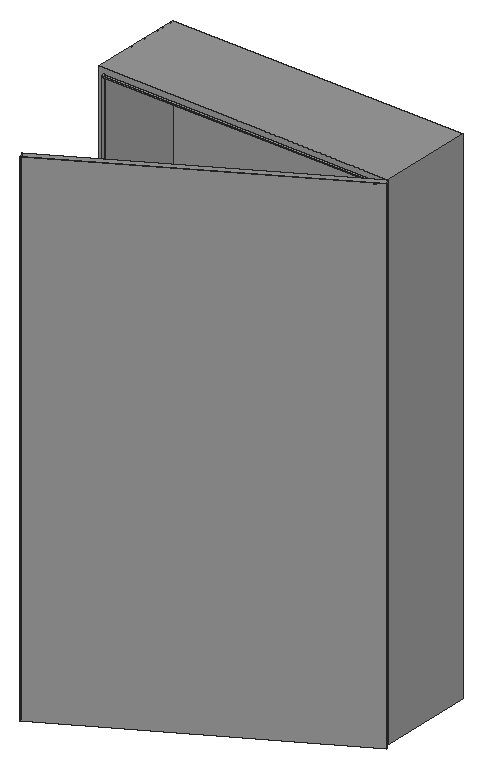
Revit family "Hager-Univers-IP55-D275-H1400-Cl.II-Steel_encl-NoHosted-NL-en", category Equipement électrique, Revit 2020
Family settings
  Configuration du panneau = Deux colonnes, circuits au sein
  Cote de connecteur circulaire = Utiliser le diamètre
  Type d'élément = Tableau de raccordement
  Basée sur le plan de construction = Oui
  Toujours verticalement = Oui
  Couper avec des vides une fois chargée = Non
  Partagée = Non
  Point de calcul de pièce = Non
Parameters (values of type "Surface mounted (plaster) IP55 W800 H1400 D275  - FR93S")
  Width Control [instance] = if([EF000008 - Width] > Min Width, [EF000008 - Width], Min Width)  # 800 mm
  Commentaires du type = [HG000003 - Range]  # "Univers"
  Thickness Door [instance] = if([EF009171 - Material plate thickness door/cover] > 3 mm, 3 mm, [EF009171 - Material plate thickness door/cover])  # 1.5 mm
  Seal Frame Offset [instance] = 17 mm  # constant formula
  Plinth Visibility [instance] = [HG000027 - Plinth height] > 0 mm  # no
  Min Width [instance] = 100 mm  # constant formula
  Min Depth [instance] = (2 * [EF009170 - Material plate thickness cabinet]) + 1 mm  # 4 mm
  Min Height [instance] = 100 mm  # constant formula
  Internal Frame Depth [instance] = (Door System Depth * 0.5)  # 9 mm
  Panel Name [instance] = ""  # (empty or 0)
  Model = ""
  HG000027 - Plinth height = 0 mm
  HG000026 - Floor standing = no
  HG000024 - Bottom section height = 600 mm
  HG000023 - Double section enclosure = no
  HG000016 - Door 3d visibility [instance] = yes
  HG000015 - Clearance visibility [instance] = no
  HG000014 - Door on the right [instance] = yes
  HG000013 - Door on the left [instance] = not([HG000014 - Door on the right])  # no
  HG000012 - Door swing angle [instance] = 30.00°
  HG000010 - Asymmetric doors = no
  HG000009 - Double swing door = no
  HG000006 - Flush mounted = no
  HG000004 - Manufacturer reference = "FR93S"
  HG000003 - Range = "Univers"
  HG000002 - With door or cover = yes
  Frame Offset Bottom [instance] = 10 mm  # constant formula
  Frame Offset [instance] = 15 mm  # constant formula
  EF015940 - Cover with overpressure release = no
  EF011959 - Degree of protection (NEMA) = ""
  EF009554 - Number of openings for flange plates = 6
  EF009212 - Cover model = "EV000116 - Closed"
  EF009171 - Material plate thickness door/cover = 1.5 mm
  EF009170 - Material plate thickness cabinet = 1.5 mm
  EF008873 - Nominal current (In) = 800 A
  EF007800 - Suitable for lightning protection = no
  EF006306 - With lock = no
  EF006244 - Transparent cover/door = no
  EF005474 - Degree of protection (IP) = "EV006420 - IP55"
  EF004464 - Type of door = "EV002646 - Single"
  EF004427 - Number of modules = 324
  EF004293 - Impact strength = "EV008784 - IK10"
  EF003532 - Suitable for outdoor use = no
  EF002950 - Width in number of modular spacings = 24
  EF001613 - Circuit integrity = "EV000494 - None"
  EF001596 - Material housing = "EV000179 - Steel"
  EF001131 - Internal depth = 275 mm
  EF001088 - Extension possible = yes
  EF000437 - Number of conduit inlets = 6
  EF000339 - Type of cover = "EV004216 - Door"
  EF000266 - Number of rows = 9
  EF000218 - Built-in depth = 0 mm
  EF000118 - With mounting plate = no
  EF000116 - RAL-number = "7035"
  EF000049 - Depth = 275 mm
  EF000040 - Height = 1400 mm
  EF000008 - Width = 800 mm
  EF000007 - Colour = "EV000270 - Grey"
  EF000003 - Mounting method = "EV000384 - Surface mounted (plaster)"
  Door System Leaf Tolerance [instance] = 1.5 mm  # constant formula
  Door System Depth [instance] = 18 mm  # constant formula
  Door Height [instance] = Height Control - [HG000027 - Plinth height]  # 1400 mm
  Description = ""
  Default Elevation = 1219.2 mm
  Connector Offset [instance] = Height Control / 2  # 700 mm
  Fabricant = "Hager"  # constant formula
  Height Control [instance] = if([EF000040 - Height] > Min Height, [EF000040 - Height], Min Height)  # 1400 mm
  Depth Control [instance] = if([EF000049 - Depth] > Min Depth, [EF000049 - Depth], Min Depth)  # 275 mm
  Bottom Top Plate Trim [instance] = 1.5 mm  # constant formula
  Plinth height Ctrl [instance] = if([HG000027 - Plinth height] > 0 mm, [HG000027 - Plinth height], 12 mm)  # 12 mm
Types (5, lengths in mm): name | Width Control | HG000010 - Asymmetric doors | HG000009 - Double swing door | HG000004 - Manufacturer reference | EF009554 - Number of openings for flange plates | EF004464 - Type of door | EF004427 - Number of modules | EF000437 - Number of conduit inlets | EF000008 - Width
  Surface mounted (plaster) IP55 W1050 H1400 D275  - FR94S | 1050 | no | yes | "FR94S" | 8 | "EV003602 - Double" | 432 | 8 | 1050
  Surface mounted (plaster) IP55 W1300 H1400 D275  - FR95S | 1300 | yes | yes | "FR95S" | 10 | "EV003602 - Double" | 540 | 10 | 1300
  Surface mounted (plaster) IP55 W300 H1400 D275  - FR91S | 300 | no | no | "FR91S" | 2 | "EV002646 - Single" | 108 | 2 | 300
  Surface mounted (plaster) IP55 W550 H1400 D275  - FR92S | 550 | no | no | "FR92S" | 4 | "EV002646 - Single" | 216 | 4 | 550
  Surface mounted (plaster) IP55 W800 H1400 D275  - FR93S | 800 | no | no | "FR93S" | 6 | "EV002646 - Single" | 324 | 6 | 800
Reference planes
  plane 1 "Center (Front/Back)": y = 0
  plane 2: z = 0
  plane 3 "Center (Left/Right)": x = 0
  plane 4: y = 0
  plane 5: y = 0
  plane 6: z = 0
  plane 7: x = -400
  plane 8: x = 400
  plane 9: x = 398.5
  plane 10: x = -398.5
  plane 11: z = 0
  plane 12: z = 1.5
  plane 13: y = -275
  plane 14: y = -1.5
  plane 15: x = 0
  plane 16: y = -257
  plane 17: y = -273.5
  plane 18: y = -255.5
  plane 19: x = -383.5
  plane 20: x = 383.5
  plane 21: z = 11.5
  plane 22: x = -383
  plane 23: x = 383
  plane 24: z = 0
  plane 25: z = 1400
  plane 26: z = 1400
  plane 27: z = 1383.5
  plane 28: z = 1398.5
Forms (mm)
  Extrusion 1, solid, material "Hager_Steel_RAL7035_Light_Grey", detail levels medium+fine
    sketch origin (-208.679, -4572, 0) x (-1, 0, 0) y (0, -1, 0)
      loop
        line (191.321, -4315) -> (-608.679, -4315) -> (-608.679, -4572) -> (191.321, -4572) -> (191.321, -4315)
    from 0 to 1400
  Extrusion 2, void
    sketch origin (-350.771, -275, 1219.2) x (1, 0, 0) y (0, 0, 1)
      loop
        line (-47.729, 179.3) -> (-47.729, -1217.7) -> (749.271, -1217.7) -> (749.271, 179.3) -> (-47.729, 179.3)
    from -19.5 to -273.5
  Extrusion 3, void
    sketch origin (-290.084, -257, 1219.2) x (1, 0, 0) y (0, 0, 1)
      loop
        line (-93.416, -1207.7) -> (673.584, -1207.7) -> (673.584, 164.3) -> (-93.416, 164.3) -> (-93.416, -1207.7)
    from 0 to -1.5
  Extrusion 4, solid, material "Hager_Steel_RAL7035_Light_Grey", visible <- "Plinth Visibility", detail levels medium+fine
    sketch origin (0, 0, 0) x (1, 0, 0) y (0, 1, 0)
      loop
        line (-400, 0) -> (-400, -257) -> (400, -257) -> (400, 0) -> (-400, 0)
    from 0 to 12 <- "Plinth height Ctrl"
  Extrusion 5, solid, material "Hager_Steel_RAL7035_Light_Grey", detail levels coarse
    sketch origin (0, 0, 0) x (1, 0, 0) y (0, 1, 0)
      loop
        line (-400, 0) -> (-400, -275) -> (400, -275) -> (400, 0) -> (-400, 0)
    from 0 to 1400 <- "Height Control"
  Sweep 6, void
    path in 3D
      loop
        line (-400, -257, 12) -> (400, -257, 12) -> (400, 0, 12) -> (-400, 0, 12) -> (-400, -257, 12)
    profile origin (-400, -128.5, 12) x (1, 0, 0) y (0, 0, 1)
      loop
        line (0, 0) -> (0, -1.5) -> (1.5, -1.5)
        arc (1.5, -1.5) -> (1.061, -0.439) -> (0, 0) r 1.5
  Extrusion 7, solid, material "Hager_Steel_RAL7035_Light_Grey", detail levels fine
    sketch origin (-400, -257, 0) x (1, 0, 0) y (0, 0, 1)
      loop
        line (16.5, 11.5) -> (783.5, 11.5) -> (783.5, 1383.5) -> (16.5, 1383.5) -> (16.5, 11.5)
      loop
        line (15, 10) -> (785, 10) -> (785, 1385) -> (15, 1385) -> (15, 10)
    from 0 to 9 <- "Internal Frame Depth"
Cuts and joins
  Extrusion 2, Extrusion 3 cuts Extrusion 1
  Sweep 6 cuts Extrusion 4
Lines and regions (mm)
  Masking region 1
    outline origin (0, 0, 0) x (1, 0, 0) y (0, 1, 0)
      loop
        line (-400, 0) -> (-400, -275) -> (400, -275) -> (400, 0) -> (-400, 0)
  Masking region 2, detail levels coarse
    outline origin (-290.084, -257, 1219.2) x (-1, 0, 0) y (0, 0, 1)
      loop
        line (-690.084, -1219.2) -> (109.916, -1219.2) -> (109.916, 180.8) -> (-690.084, 180.8) -> (-690.084, -1219.2)
  Masking region 3, detail levels coarse
    outline origin (0, 0, 0) x (0, 1, 0) y (0, 0, 1)
      loop
        line (0, 0) -> (0, 1400) -> (-275, 1400) -> (-275, 0) -> (0, 0)
  Masking region 4, visible <- "Plinth Visibility", detail levels medium+fine
    outline origin (0, 0, 0) x (0, 1, 0) y (0, 0, 1)
      loop
        line (-1.5, 12) -> (-255.5, 12)
        arc (-255.5, 12) -> (-255.939, 10.939) -> (-257, 10.5) r 1.5
        line (-257, 10.5) -> (-257, 0) -> (0, 0) -> (0, 10.5)
        arc (0, 10.5) -> (-1.061, 10.939) -> (-1.5, 12) r 1.5
  Masking region 5, detail levels medium+fine
    outline origin (0, 0, 594.038) x (0, 1, 0) y (0, 0, 1)
      loop
        line (0, -594.038) -> (0, 805.962) -> (-257, 805.962) -> (-257, -594.038) -> (0, -594.038)
  Masking region 6, detail levels medium+fine
    outline origin (-359.7, -257, 1211.883) x (-1, 0, 0) y (0, 0, 1)
      loop
        line (-759.7, -1211.883) -> (40.3, -1211.883) -> (40.3, 188.117) -> (-759.7, 188.117) -> (-759.7, -1211.883)
  Masking region 7, visible <- "Plinth Visibility", detail levels medium+fine
    outline origin (-320.334, -257, 1041.368) x (-1, 0, 0) y (0, 0, 1)
      loop
        line (-720.334, -1041.368) -> (79.666, -1041.368) -> (79.666, -1030.868)
        arc (79.666, -1030.868) -> (78.606, -1030.429) -> (78.166, -1029.368) r 1.5
        line (78.166, -1029.368) -> (-718.834, -1029.368)
        arc (-718.834, -1029.368) -> (-719.273, -1030.429) -> (-720.334, -1030.868) r 1.5
        line (-720.334, -1030.868) -> (-720.334, -1041.368)
  sketch lines
    curve 1: line (-400, 0, 12) -> (-400, -257, 12)
    curve 2: line (-400, -257, 12) -> (400, -257, 12)
    curve 3: line (400, 0, 12) -> (-400, 0, 12)
    curve 4: line (400, -257, 12) -> (400, 0, 12)
Dimensions and locks
  locked: plane 1 "Center (Front/Back)" to plane 5
  "EF009170 - Material plate thickness cabinet": plane 7 to plane 10
  "EF009170 - Material plate thickness cabinet": plane 8 to plane 9
  equal spacing: plane 7, plane 3 "Center (Left/Right)", plane 8
  "Width Control": plane 7 to plane 8
  "Depth Control": plane 4 to plane 13
  "EF009170 - Material plate thickness cabinet": plane 4 to plane 14
  "Height Control": plane 25 to level
  "HG000027 - Plinth height": plane 11 to level
  "EF009170 - Material plate thickness cabinet": plane 12 to plane 11
  "EF009170 - Material plate thickness cabinet": plane 17 to plane 13
  "EF009170 - Material plate thickness cabinet": plane 18 to plane 16
  "Frame Offset Bottom": plane 21 to plane 12
  "Frame Offset": plane 10 to plane 19
  "Frame Offset": plane 9 to plane 20
  "Door System Depth": plane 16 to plane 13
  "Seal Frame Offset": plane 7 to plane 22
  "Seal Frame Offset": plane 8 to plane 23
  "EF009170 - Material plate thickness cabinet": plane 26 to plane 28
  "Frame Offset": plane 28 to plane 27
  "Connector Offset": plane 2 to connector elem
  "Bottom Top Plate Trim": profile plane to Sweep 6 sketch curve
  "Bottom Top Plate Trim": Sweep 6 sketch curve to Sweep 6 sketch curve
  "Plinth height Ctrl": Masking region 4 sketch curve to level
  "Plinth height Ctrl": Masking region 7 sketch curve to level
  "Thickness Door": Extrusion 7 sketch curve to Extrusion 7 sketch curve  (x4)
  "Bottom Top Plate Trim": radius of Sweep 6 sketch curve
  "Bottom Top Plate Trim": radius of Masking region 4 sketch curve  (x2)
  "Bottom Top Plate Trim": radius of Masking region 7 sketch curve  (x2)
  aligned and locked: Extrusion 2 sketch curve to plane 12
  aligned and locked: Extrusion 2 sketch curve to plane 9
  aligned and locked: Extrusion 2 sketch curve to plane 10
  aligned and locked: Extrusion 2 to plane 14
  aligned and locked: Extrusion 1 sketch curve to plane 4
  aligned and locked: plane 8 to Extrusion 1 sketch curve
  aligned and locked: plane 7 to Extrusion 1 sketch curve
  aligned and locked: Extrusion 2 to plane 18
  aligned and locked: Extrusion 3 sketch curve to plane 19
  aligned and locked: plane 20 to Extrusion 3 sketch curve
  aligned and locked: Extrusion 3 to Extrusion 2
  aligned and locked: Extrusion 3 sketch curve to plane 21
  aligned and locked: plane 3 "Center (Left/Right)" to nested 1
  aligned and locked: Extrusion 1 sketch curve to plane 16
  aligned and locked: Extrusion 4 sketch curve to cut or joined group of Extrusion 1, Extrusion 2, Extrusion 3
  aligned and locked: Masking region 1 sketch curve to plane 7
  aligned and locked: Masking region 1 sketch curve to plane 5
  aligned and locked: Masking region 1 sketch curve to plane 8
  aligned and locked: Masking region 2 sketch curve to level
  aligned and locked: level to Masking region 3 sketch curve
  aligned and locked: plane 1 "Center (Front/Back)" to Masking region 3 sketch curve
  aligned and locked: plane 13 to Masking region 3 sketch curve
  aligned and locked: plane 5 to Masking region 4 sketch curve
  aligned and locked: Masking region 2 sketch curve to plane 8
  aligned and locked: Masking region 2 sketch curve to plane 7
  aligned and locked: plane 7 to nested 2
  aligned and locked: nested 2 to plane 5
  aligned and locked: plane 5 to Masking region 5 sketch curve
  aligned and locked: plane 26 to Masking region 5 sketch curve
  aligned and locked: Extrusion 5 sketch curve to plane 8
  aligned and locked: Extrusion 5 sketch curve to plane 7
  aligned and locked: Extrusion 5 sketch curve to plane 5
  aligned and locked: Extrusion 3 sketch curve to plane 27
  aligned and locked: Extrusion 2 sketch curve to plane 28
  aligned and locked: Masking region 2 to plane 25
  aligned and locked: Extrusion 4 to plane 16
  aligned and locked: profile plane to Sweep 6 sketch curve
  aligned and locked: Masking region 5 sketch curve to plane 24
  aligned and locked: level to Masking region 4 sketch curve
  aligned and locked: Masking region 1 to plane 13
  aligned and locked: nested 1 to plane 16
  aligned and locked: Masking region 3 to plane 25
  aligned and locked: plane 16 to Masking region 4 sketch curve
  aligned and locked: Masking region 5 sketch curve to plane 16
  aligned and locked: plane 24 to plane 11
  aligned and locked: plane 26 to plane 25
  aligned and locked: plane 26 to cut or joined group of Extrusion 1, Extrusion 2, Extrusion 3
  aligned and locked: nested 1 to plane 24
  aligned and locked: Extrusion 1 to Extrusion 3
  aligned and locked: Masking region 6 sketch curve to plane 8
  aligned and locked: Masking region 6 sketch curve to plane 24
  aligned and locked: Masking region 6 sketch curve to plane 7
  aligned and locked: Masking region 6 sketch curve to plane 26
  aligned and locked: Masking region 7 sketch curve to plane 7
  aligned and locked: level to Masking region 7 sketch curve
  aligned and locked: Masking region 7 sketch curve to plane 8
  aligned and locked: Extrusion 7 sketch curve to cut or joined group of Extrusion 1, Extrusion 2, Extrusion 3  (x4)
Automatic sketch dimensions
  plane 19 to Extrusion 3 sketch curve = 0 mm
  Extrusion 3 sketch curve to plane 20 = 0 mm
  Extrusion 3 sketch curve to plane 21 = 0 mm
  Extrusion 4 sketch curve to plane 7 = 0 mm
  Extrusion 4 sketch curve to plane 8 = 0 mm
  Extrusion 4 sketch curve to plane 16 = 0 mm
  Masking region 1 sketch curve to plane 13 = 0 mm
  Masking region 2 sketch curve to plane 25 = 0 mm
  Masking region 3 sketch curve to plane 25 = 0 mm
  Extrusion 5 sketch curve to plane 13 = 0 mm
  profile plane to Sweep 6 sketch curve = 0 mm
Nested families
  nested 1: "EC000058_Univers_Door" at (0, -257, 0), Double <- "HG000009 - Double swing door", Transparent <- "EF006244 - Transparent cover/door", Angle <- "HG000012 - Door swing angle", Door_Right <- "HG000014 - Door on the right", Assymetrical <- "HG000010 - Asymmetric doors", Door <- "HG000002 - With door or cover", Width_Ctrl <- "Width Control", 3d_Door <- "HG000016 - Door 3d visibility", Clearance <- "HG000015 - Clearance visibility", Door_Left <- "HG000013 - Door on the left", Width <- "Width Control", Door_Depth <- "Door System Depth", Leaf_Tolerance <- "Door System Leaf Tolerance", Height <- "Door Height", Lock_Visibility <- "EF006306 - With lock", Thickness <- "Thickness Door", type "EC000058_Univers_Door", detail levels medium+fine
    with min_wh 4 mm, Width_Ctrl 800 mm, Width 800 mm, Transparent no, Thickness 1.5 mm, Seal_Material Hager_Rubber, Lock_Visibility no, Lock_Material Hager_Plastic_RAL9005_Jet_Black, Leaf_Width 800 mm, Leaf_Tolerance_External_Sides 0 mm, Leaf_Tolerance 1.5 mm, Leaf_Offset 0 mm, Leaf_Height 1397 mm, Leaf_2_Width 800 mm, Leaf_2_Offset 400 mm, Leaf_1_Width 800 mm, Leaf_1_Offset 400 mm, Height_Ctrl 1400 mm, Height 1400 mm, Glass_Material Hager_Glass, Double_Clearance_Ctrl no, Double no, Door_Right_Ctrl yes, Door_Right yes, Door_Material Hager_Steel_RAL7035_Light_Grey, Door_Left_Ctrl no, Door_Left no, Door_Depth 18 mm, Door yes, Clearance_Material Hager_Clearance, Clearance_Depth 800 mm, Clearance_Ctrl no, Clearance no, Assymetrical no, Angle 30.00°, 3d_Door yes
  nested 2: "Hager_Enclosure_Symbol" at (-400, 0, 0), Height <- "Depth Control", Width <- "Width Control", type "Hager_Enclosure_Symbol"
    with Width_Ctrl 800 mm, Width 800 mm, Height_Ctrl 275 mm, Height 275 mm, A_Width_Int 18.047 mm, A_Width 216.562 mm, A_Height_Ctrl 240.625 mm, A_Height 240.625 mm
Connectors
  electrical at (0, 0, 700)
    settings: on plane 1 "Center (Front/Back)", index 1, voltage 0 V, apparent load 0 VA, apparent load phase1 0 VA, apparent load phase2 0 VA, apparent load phase3 0 VA, power factor 1, load classification "Other", number of poles 1, system type 30, power factor state 1, is connector primary yes, connector utility no, sub classification motor no, connector description ""
Definition of nested family "EC000058_Univers_Door"
  Parameters (values of type "EC000058_Univers_Door")
    min_wh [instance] = (2 * Thickness) + 1 mm  # 11 mm
    Width_Ctrl [instance] = 400 mm
    Width [instance] = 500 mm
    Transparent [instance] = yes
    Thickness [instance] = 5 mm
    Seal_Material [instance] = none
    Lock_Visibility [instance] = yes
    Lock_Material [instance] = none
    Leaf_Width [instance] = if((Width_Ctrl - 2 * Leaf_Tolerance_External_Sides) > 0 mm, (Width_Ctrl - 2 * Leaf_Tolerance_External_Sides), min_wh)  # 400 mm
    Leaf_Tolerance_External_Sides [instance] = 0 mm  # constant formula
    Leaf_Tolerance [instance] = 1.5 mm
    Leaf_Offset [instance] = 0 mm  # constant formula
    Leaf_Height [instance] = if((Height_Ctrl - 2 * Leaf_Tolerance) > 0 mm, (Height_Ctrl - 2 * Leaf_Tolerance), min_wh)  # 497 mm
    Leaf_2_Width [instance] = if(and(and(Double, Assymetrical), Door_Left), (Leaf_Width / 3) - (Leaf_Tolerance / 2), if(and(and(Double, Assymetrical), Door_Right), (Leaf_Width / 3) * 2 - (Leaf_Tolerance / 2), if(and(Double, not(Assymetrical)), (Leaf_Width / 2) - Leaf_Tolerance, Leaf_Width)))  # 400 mm
    Leaf_2_Offset [instance] = if(and(Double, Assymetrical), Leaf_2_Width / 2, if(and(Double, not(Assymetrical)), Leaf_Width / 4, Leaf_Width / 2))  # 200 mm
    Leaf_1_Width [instance] = if(and(and(Double, Assymetrical), Door_Right), (Leaf_Width / 3) - (Leaf_Tolerance / 2), if(and(and(Double, Assymetrical), Door_Left), (Width / 3) * 2 - (Leaf_Tolerance / 2), if(and(Double, not(Assymetrical)), (Leaf_Width / 2) - Leaf_Tolerance, Leaf_Width)))  # 400 mm
    Leaf_1_Offset [instance] = if(and(Double, Assymetrical), Leaf_1_Width / 2, if(and(Double, not(Assymetrical)), Leaf_Width / 4, Leaf_Width / 2))  # 200 mm
    Height_Ctrl [instance] = if(Height > min_wh, Height, min_wh)  # 500 mm
    Height [instance] = 500 mm
    Glass_Material [instance] = none
    Double_Clearance_Ctrl [instance] = and(Double, Clearance)  # no
    Double [instance] = no
    Door_Right_Ctrl [instance] = and(or(Door_Right, Double), Door)  # yes
    Door_Right [instance] = yes
    Door_Material [instance] = none
    Door_Left_Ctrl [instance] = and(or(Door_Left, Double), Door)  # no
    Door_Left [instance] = no
    Door_Depth [instance] = 30 mm
    Door [instance] = yes
    Default Elevation = 1219.2 mm
    Clearance_Material [instance] = none
    Clearance_Depth [instance] = if(Leaf_1_Width > Leaf_2_Width, Leaf_1_Width, Leaf_2_Width)  # 400 mm
    Clearance_Ctrl [instance] = and(not(Double), Clearance)  # yes
    Clearance [instance] = yes
    Assymetrical [instance] = yes
    Angle [instance] = 30.00°
    3d_Door [instance] = yes
  Reference planes
    plane 1 "Center (Front/Back)": y = 0
    plane 2 "Bottom": z = 0
    plane 3 "Center (Left/Right)": x = 0
    plane 4: z = 500
    plane 5: x = -200
    plane 6: x = 200
    plane 7: z = 500
    plane 8: x = -200
    plane 9: z = 0
    plane 10: x = 200
    plane 11: y = 0
    plane 12: z = 1.5
    plane 13: x = -600
    plane 14: y = -400
    plane 15: x = 600
    plane 16: x = 0
    plane 17: x = 0
    plane 18: x = -200
    plane 19: x = 200
    plane 20: z = 498.5
  Forms (mm)
    Extrusion 1, solid, material <- "Clearance_Material", visible <- "Double_Clearance_Ctrl"
      sketch origin (1200, 0, 0) x (1, 0, 0) y (0, 0, -1)
        loop
          line (-1800, -498.5) -> (-600, -498.5) -> (-600, 0) -> (-1800, 0) -> (-1800, -498.5)
      from 0 to -400
  Dimensions and locks
    equal spacing: plane 5, plane 3 "Center (Left/Right)", plane 6
    "Width_Ctrl": plane 5 to plane 6
    "Leaf_Offset": plane 5 to plane 8
    "Leaf_Offset": plane 6 to plane 10
    "Leaf_Offset": plane 9 to level
    "Leaf_Offset": plane 4 to plane 7
    "Height_Ctrl": plane 4 to level
    "Leaf_Tolerance": plane 12 to plane 9
    locked: plane 11 to plane 1 "Center (Front/Back)"
    "Leaf_1_Offset": plane 18 to plane 16
    "Leaf_2_Offset": plane 17 to plane 19
    "Leaf_1_Width": plane 13 to plane 8
    "Leaf_2_Width": plane 10 to plane 15
    "Clearance_Depth": plane 14 to plane 1 "Center (Front/Back)"
    "Leaf_Tolerance_External_Sides": plane 8 to plane 18
    "Leaf_Tolerance_External_Sides": plane 19 to plane 10
    "Leaf_Tolerance": plane 7 to plane 20
    aligned and locked: level to plane 2 "Bottom"
    aligned and locked: nested 1 to plane 16
    aligned and locked: nested 2 to plane 17
    aligned and locked: Extrusion 1 to plane 13
    aligned and locked: plane 15 to Extrusion 1
    aligned and locked: Extrusion 1 to plane 14
    aligned and locked: plane 12 to nested 1
    aligned and locked: nested 2 to plane 12
    aligned and locked: Extrusion 1 to plane 11
    aligned and locked: plane 20 to Extrusion 1
    aligned and locked: nested 2 to plane 11
    aligned and locked: nested 1 to plane 11
  Automatic sketch dimensions
    Extrusion 1 sketch curve to level = 0 mm
    plane 5 to Extrusion 1 sketch curve = 400 mm
    plane 6 to Extrusion 1 sketch curve = 400 mm
    Extrusion 1 sketch curve to plane 4 = 1.5 mm
  Nested families
    nested 1: "EC000058_Univers_Door_Leaf" at (0, 0, 1.5), Width <- "Leaf_1_Width", visible <- "Door_Left_Ctrl", Leaf_Height <- "Leaf_Height", Angle <- "Angle", 3d_Door <- "3d_Door", Transparent <- "Transparent", Clearance Material <- "Clearance_Material", Clearance <- "Clearance_Ctrl", Door_Material <- "Door_Material", Glass_Material <- "Glass_Material", Door_Depth <- "Door_Depth", Lock_Material <- "Lock_Material", Seal_Material <- "Seal_Material", Lock_Visibility <- "Lock_Visibility", Thickness <- "Thickness", type "EC000058_Univers_Door_Leaf"
      with Width 400 mm, Transparent_Glass_Offset 30 mm, Transparent_Ctrl yes, Transparent yes, Thickness 5 mm, Standard no, Seal_Material none, Seal_D2 8 mm, Seal_D1 1 mm, Offset_Internal_Frame 10 mm, Lock_Width 20 mm, Lock_Visibility_3d yes, Lock_Visibility yes, Lock_Thickness_3 3 mm, Lock_Thickness_2 1 mm, Lock_Thickness_1 3 mm, Lock_Radius_Offset_2 16 mm, Lock_Radius_Offset_1 15 mm, Lock_Radius_2 5 mm, Lock_Radius 6 mm, Lock_Offset 5 mm, Lock_Material none, Lock_Height 80 mm, Lock_Cover_Top_Offset_2d 17 mm, Lock_Cover_Height -65 mm, Leaf_Height 497 mm, Internal_Seal_Thickness 8 mm, Internal_Seal_Depth_2 4.5 mm, Internal_Frame_Depth 25 mm, Glass_Thickness -1 mm, Glass_Offset -2 mm, Glass_Material none, Door_Material none, Door_Depth 30 mm, Clearance Material none, Clearance yes, Angle_Ctrl 30.00°, Angle 30.00°, 3d_Door yes
    nested 2: "EC000058_Univers_Door_Leaf" at (0, 0, 1.5) x (-1, 0, 0) z (0, 0, 1), Width <- "Leaf_2_Width", visible <- "Door_Right_Ctrl", Leaf_Height <- "Leaf_Height", Angle <- "Angle", 3d_Door <- "3d_Door", Transparent <- "Transparent", Clearance Material <- "Clearance_Material", Clearance <- "Clearance_Ctrl", Door_Material <- "Door_Material", Glass_Material <- "Glass_Material", Door_Depth <- "Door_Depth", Lock_Material <- "Lock_Material", Seal_Material <- "Seal_Material", Lock_Visibility <- "Lock_Visibility", Thickness <- "Thickness", type "EC000058_Univers_Door_Leaf"
      with Width 400 mm, Transparent_Glass_Offset 30 mm, Transparent_Ctrl yes, Transparent yes, Thickness 5 mm, Standard no, Seal_Material none, Seal_D2 8 mm, Seal_D1 1 mm, Offset_Internal_Frame 10 mm, Lock_Width 20 mm, Lock_Visibility_3d yes, Lock_Visibility yes, Lock_Thickness_3 3 mm, Lock_Thickness_2 1 mm, Lock_Thickness_1 3 mm, Lock_Radius_Offset_2 16 mm, Lock_Radius_Offset_1 15 mm, Lock_Radius_2 5 mm, Lock_Radius 6 mm, Lock_Offset 5 mm, Lock_Material none, Lock_Height 80 mm, Lock_Cover_Top_Offset_2d 17 mm, Lock_Cover_Height -65 mm, Leaf_Height 497 mm, Internal_Seal_Thickness 8 mm, Internal_Seal_Depth_2 4.5 mm, Internal_Frame_Depth 25 mm, Glass_Thickness -1 mm, Glass_Offset -2 mm, Glass_Material none, Door_Material none, Door_Depth 30 mm, Clearance Material none, Clearance yes, Angle_Ctrl 30.00°, Angle 30.00°, 3d_Door yes
  Definition of nested family "EC000058_Univers_Door_Leaf"
    Parameters (values of type "EC000058_Univers_Door_Leaf")
      Width [instance] = 2000 mm
      Transparent_Glass_Offset [instance] = 30 mm
      Transparent_Ctrl [instance] = and(Transparent, [3d_Door])  # yes
      Transparent [instance] = yes
      Thickness [instance] = 5 mm
      Standard [instance] = and(not(Transparent), [3d_Door])  # no
      Seal_Material [instance] = none
      Seal_D2 [instance] = 8 mm  # constant formula
      Seal_D1 [instance] = 1 mm  # constant formula
      Offset_Internal_Frame [instance] = 10 mm  # constant formula
      Lock_Width [instance] = 20 mm  # constant formula
      Lock_Visibility_3d [instance] = and(Lock_Visibility, [3d_Door])  # yes
      Lock_Visibility [instance] = yes
      Lock_Thickness_3 [instance] = 3 mm  # constant formula
      Lock_Thickness_2 [instance] = 1 mm  # constant formula
      Lock_Thickness_1 [instance] = 3 mm  # constant formula
      Lock_Radius_Offset_2 [instance] = Lock_Radius_Offset_1 + 1 mm  # 16 mm
      Lock_Radius_Offset_1 [instance] = 15 mm  # constant formula
      Lock_Radius_2 [instance] = Lock_Radius - 1 mm  # 5 mm
      Lock_Radius [instance] = 6 mm  # constant formula
      Lock_Offset [instance] = 5 mm  # constant formula
      Lock_Material [instance] = none
      Lock_Height [instance] = 80 mm  # constant formula
      Lock_Cover_Top_Offset_2d [instance] = Lock_Radius_Offset_2 + 1 mm  # 17 mm
      Lock_Cover_Height [instance] = -(Lock_Height - Lock_Radius_Offset_1)  # -65 mm
      Leaf_Height [instance] = 2720.336 mm
      Internal_Seal_Thickness [instance] = 8 mm  # constant formula
      Internal_Seal_Depth_2 [instance] = 4.5 mm  # constant formula
      Internal_Frame_Depth [instance] = if(Door_Depth - Thickness > 5 mm, Door_Depth - Thickness, 5 mm)  # 25 mm
      Glass_Thickness [instance] = if(Thickness > 15 mm, Glass_Offset + 10 mm, -1 mm)  # -1 mm
      Glass_Offset [instance] = if(Thickness > 15 mm, -(Thickness + 10 mm) / 2, -2 mm)  # -2 mm
      Glass_Material [instance] = none
      Door_Material [instance] = none
      Door_Depth [instance] = 30 mm
      Default Elevation = 0 mm
      Clearance Material [instance] = none
      Clearance [instance] = yes
      Angle_Ctrl [instance] = if(Angle > 180.00°, 180.00°, Angle)  # 90.00°
      Angle [instance] = 90.00°
      3d_Door [instance] = yes
    Reference planes
      plane 1 "Center (Front/Back)": y = 0
      plane 2: z = 0
      plane 3 "Center (Left/Right)": x = 0
      plane 4: y = 2000
      plane 5: x = -1000
      plane 6: x = 1000
      plane 7: x = -3000
      plane 8: z = 2720.336
      plane 9: z = 30
      plane 10: z = 2690.336
      plane 11: x = 970
      plane 12: x = -970
      plane 13: y = -3
      plane 14: z = 107.833
      plane 15: y = -5
      plane 16: y = -223.314
      plane 17: x = -1000
      plane 18: z = 1360.168
      plane 19: y = 30
    Forms (mm)
      Extrusion 1, solid, material <- "Clearance Material", visible <- "Clearance"
        sketch origin (0, 0, 0) x (1, 0, 0) y (0, 0, 1)
          loop
            line (-3000, 2720.336) -> (-3000, 0) -> (1000, 0) -> (1000, 2720.336) -> (-3000, 2720.336)
        from 0 to -2000
      Extrusion 2, solid, material <- "Door_Material", visible <- "Standard", detail levels medium+fine
        sketch origin (-1000, 0, 0) x (0, 1, 0) y (-1, 0, 0)
          loop
            line (0, 30) -> (0, 25) -> (2000, 25) -> (2000, 30) -> (0, 30)
        from 0 to 2720.336 <- "Leaf_Height"
      Extrusion 3, solid, material <- "Door_Material", visible <- "Transparent_Ctrl", detail levels medium+fine
        sketch origin (-1000, 0, 0) x (0, 1, 0) y (-1, 0, 0)
          loop
            line (0, 25) -> (2000, 25) -> (2000, 30) -> (0, 30) -> (0, 25)
        from 0 to 2720.336 <- "Leaf_Height"
      Extrusion 4, void
        sketch origin (-1025, 2000, 0) x (0, 1, 0) y (0, 0, -1)
          loop
            line (-30, -2690.336) -> (-30, -30) -> (-1970, -30) -> (-1970, -2690.336) -> (-30, -2690.336)
        from 0 to 5 <- "Thickness"
      Sweep 5, solid, material <- "Seal_Material", visible <- "Transparent_Ctrl", detail levels fine
        path in 3D
          loop
            line (-1025, 30, 30) -> (-1025, 30, 2690.336) -> (-1025, 1970, 2690.336) -> (-1025, 1970, 30) -> (-1025, 30, 30)
        profile origin (-1025, 1000, 30) x (1, 0, 0) y (0, 0, 1)
          loop
            line (0, 0) -> (0, -8) -> (1, -8) -> (1, 0) -> (0, 0)
      Extrusion 6, solid, material <- "Glass_Material", visible <- "Transparent_Ctrl", detail levels medium+fine
        sketch origin (-1030, 0, 0) x (0, 1, 0) y (0, 0, -1)
          loop
            line (1970, -2690.336) -> (1970, -30) -> (30, -30) -> (30, -2690.336) -> (1970, -2690.336)
        from -2 <- "Glass_Offset" to -1 <- "Glass_Thickness"
      Extrusion 7, solid, material <- "Door_Material", visible <- "3d_Door", detail levels medium+fine
        sketch origin (-1025, 2000, 0) x (0, -1, 0) y (0, 0, -1)
          loop
            line (0, -2720.336) -> (2000, -2720.336) -> (2000, 0) -> (0, 0) -> (0, -2720.336)
          loop
            line (1995, -5) -> (5, -5) -> (5, -2715.336) -> (1995, -2715.336) -> (1995, -5)
        from 0 to 25 <- "Internal_Frame_Depth"
      Sweep 8, solid, material <- "Seal_Material", visible <- "Transparent_Ctrl", detail levels fine
        path in 3D
          loop
            line (-1025, 0, 0) -> (-1025, 2000, 0) -> (-1025, 2000, 2720.336) -> (-1025, 0, 2720.336) -> (-1025, 0, 0)
        profile origin (-1025, 0, 1360.168) x (1, 0, 0) y (0, 1, 0)
          loop
            line (0, 10) -> (2.975, 10)
            arc (2.975, 10) -> (4.053, 10.447) -> (4.5, 11.525) r 1.525
            line (4.5, 11.525) -> (4.5, 16.527)
            arc (4.5, 16.527) -> (4.069, 17.569) -> (3.027, 18) r 1.473
            line (3.027, 18) -> (0, 18) -> (0, 10)
      Extrusion 9, solid, material <- "Lock_Material", visible <- "Lock_Visibility_3d", detail levels fine
        sketch origin (-1030, 0, 0) x (0, 1, 0) y (0, 0, -1)
          loop
            arc (1993.5, -1400.168) -> (1994.561, -1399.729) -> (1995, -1398.668) r 1.5
            line (1995, -1398.668) -> (1995, -1320.168) -> (1975, -1320.168) -> (1975, -1398.668)
            arc (1975, -1398.668) -> (1975.439, -1399.729) -> (1976.5, -1400.168) r 1.5
            line (1976.5, -1400.168) -> (1993.5, -1400.168)
        from 3 <- "Lock_Thickness_1" to 0
      Blend 10, solid, material <- "Lock_Material", visible <- "Lock_Visibility_3d", detail levels fine
        base sketch origin (-1033, 0, 0) x (0, 1, 0) y (0, 0, -1)
          loop
            line (1975, -1320.168) -> (1975, -1398.668)
            arc (1975, -1398.668) -> (1975.439, -1399.729) -> (1976.5, -1400.168) r 1.5
            line (1976.5, -1400.168) -> (1993.5, -1400.168)
            arc (1993.5, -1400.168) -> (1994.561, -1399.729) -> (1995, -1398.668) r 1.5
            line (1995, -1398.668) -> (1995, -1320.168) -> (1975, -1320.168)
        top sketch origin (-1033, 0, 0) x (0, 1, 0) y (0, 0, -1)
          loop
            line (1976, -1320.168) -> (1976, -1398.668)
            arc (1976, -1398.668) -> (1976.146, -1399.022) -> (1976.5, -1399.168) r 0.5
            line (1976.5, -1399.168) -> (1993.5, -1399.168)
            arc (1993.5, -1399.168) -> (1993.854, -1399.022) -> (1994, -1398.668) r 0.5
            line (1994, -1398.668) -> (1994, -1320.168) -> (1976, -1320.168)
        from 0 to 1 <- "Lock_Thickness_2"
      Blend 11, solid, material <- "Lock_Material", visible <- "Lock_Visibility_3d", detail levels fine
        base sketch origin (-1034, 0, 0) x (0, 1, 0) y (0, 0, -1)
          loop
            line (1978, -1320.168) -> (1978, -1384.168)
            arc (1978, -1384.168) -> (1985, -1391.168) -> (1992, -1384.168) r 7
            line (1992, -1384.168) -> (1992, -1320.168) -> (1978, -1320.168)
        top sketch origin (-1034, 0, 0) x (0, 1, 0) y (0, 0, -1)
          loop
            line (1991, -1320.168) -> (1979, -1320.168) -> (1979, -1383.168)
            arc (1979, -1383.168) -> (1985, -1389.168) -> (1991, -1383.168) r 6
            line (1991, -1383.168) -> (1991, -1320.168)
        from 0 to 3 <- "Lock_Thickness_3"
      Extrusion 12, solid, material <- "Lock_Material", visible <- "Lock_Visibility_3d", detail levels fine
        sketch origin (-1030, 1975, 1320.168) x (1, 0, 0) y (0, -1, 0)
          loop
            line (-7, -19) -> (-7, -1) -> (0, -1) -> (0, 0) -> (-8, 0) -> (-8, -20) -> (0, -20) -> (0, -19) -> (-7, -19)
        from 0 to -65 <- "Lock_Cover_Height"
      Extrusion 13, void
        sketch origin (-1038, 1995, 1320.168) x (-1, 0, 0) y (0, 0, -1)
          loop
            line (-5, -65) -> (0, -65) -> (-5, -60) -> (-5, -65)
        from 0 to 20 <- "Lock_Width"
      Extrusion 14, void
        sketch origin (-1038, 1975, 1320.168) x (0, -1, 0) y (0, 0, -1)
          loop
            circle (-10, -15.995) r 6
          loop
            circle (-10, -15.995) r 5
        from 0 to 2
      Extrusion 15, solid, material <- "Lock_Material", visible <- "Lock_Visibility_3d", detail levels medium
        sketch origin (-1030, 0, 0) x (0, 1, 0) y (0, 0, -1)
          loop
            arc (1993.5, -1400.168) -> (1994.561, -1399.729) -> (1995, -1398.668) r 1.5
            line (1995, -1398.668) -> (1995, -1320.168) -> (1975, -1320.168) -> (1975, -1398.668)
            arc (1975, -1398.668) -> (1975.439, -1399.729) -> (1976.5, -1400.168) r 1.5
            line (1976.5, -1400.168) -> (1993.5, -1400.168)
        from 8 to 0
    Cuts and joins
      Extrusion 4 cuts Extrusion 3
      Extrusion 13, Extrusion 14 cuts Extrusion 9
      Extrusion 14 cuts Blend 11
      Extrusion 13, Extrusion 14 cuts Extrusion 12
      joined: Extrusion 9, Blend 10, Blend 11, Extrusion 12
      Extrusion 14 cuts Extrusion 15
    Lines and regions (mm)
      Masking region 1, visible <- "Lock_Visibility", detail levels fine
        outline origin (0, 0, 0) x (0, 1, 0) y (0, 0, 1)
          loop
            line (30, 1320.168) -> (33, 1320.168) -> (33, 1400.168) -> (30, 1400.168) -> (30, 1320.168)
      Masking region 2, visible <- "Lock_Visibility", detail levels fine
        outline origin (0, 3.143, 0) x (0, 1, 0) y (0, 0, 1)
          loop
            line (29.857, 1354.168) -> (30.857, 1354.168) -> (30.857, 1366.168) -> (29.857, 1366.168) -> (29.857, 1354.168)
      Masking region 3, detail levels medium+fine
        outline origin (0, 0, 0) x (0, 1, 0) y (0, 0, 1)
          loop
            line (0, 0) -> (30, 0) -> (30, 2720.336) -> (0, 2720.336) -> (0, 0)
      Masking region 4, detail levels medium+fine
        outline origin (0, 0, 0) x (1, 0, 0) y (0, 0, 1)
          loop
            line (-1000, 2720.336) -> (-1000, 0) -> (1000, 0) -> (1000, 2720.336) -> (-1000, 2720.336)
      Masking region 5, visible <- "Lock_Visibility", detail levels fine
        outline origin (-47.116, 0, 0) x (1, 0, 0) y (0, 0, 1)
          loop
            arc (1024.616, 1399.168) -> (1023.556, 1398.729) -> (1023.116, 1397.668) r 1.5
            line (1023.116, 1397.668) -> (1023.116, 1320.168) -> (1041.116, 1320.168) -> (1041.116, 1397.668)
            arc (1041.116, 1397.668) -> (1040.677, 1398.729) -> (1039.616, 1399.168) r 1.5
            line (1039.616, 1399.168) -> (1024.616, 1399.168)
      Masking region 6, visible <- "Lock_Visibility", detail levels medium+fine
        outline origin (-25, 0, 0) x (1, 0, 0) y (0, 0, 1)
          loop
            arc (1001.5, 1400.168) -> (1000.439, 1399.729) -> (1000, 1398.668) r 1.5
            line (1000, 1398.668) -> (1000, 1320.168) -> (1020, 1320.168) -> (1020, 1398.668)
            arc (1020, 1398.668) -> (1019.561, 1399.729) -> (1018.5, 1400.168) r 1.5
            line (1018.5, 1400.168) -> (1001.5, 1400.168)
      Masking region 7, visible <- "Lock_Visibility", detail levels fine
        outline origin (-73.735, 0, 0) x (1, 0, 0) y (0, 0, 1)
          loop
            line (1051.735, 1382.168) -> (1065.735, 1382.168) -> (1065.735, 1384.168)
            arc (1065.735, 1384.168) -> (1058.735, 1391.168) -> (1051.735, 1384.168) r 7
            line (1051.735, 1384.168) -> (1051.735, 1382.168)
      Masking region 8, visible <- "Lock_Visibility", detail levels fine
        outline origin (-73.735, 0, 0) x (1, 0, 0) y (0, 0, 1)
          loop
            line (1052.735, 1382.168) -> (1064.735, 1382.168) -> (1064.735, 1383.168)
            arc (1064.735, 1383.168) -> (1058.735, 1389.168) -> (1052.735, 1383.168) r 6
            line (1052.735, 1383.168) -> (1052.735, 1382.168)
      Masking region 9, visible <- "Lock_Visibility", detail levels fine
        outline origin (-25, 0, 0) x (1, 0, 0) y (0, 0, 1)
          loop
            line (1020, 1320.168) -> (1020, 1382.168) -> (1000, 1382.168) -> (1000, 1320.168) -> (1020, 1320.168)
      Masking region 10, detail levels medium+fine
        outline origin (0, 0, 0) x (1, 0, 0) y (0, 0, 1)
          loop
            circle (985, 1335.144) r 6
      Masking region 11, detail levels fine
        outline origin (0, 0, 0) x (1, 0, 0) y (0, 0, 1)
          loop
            circle (985, 1335.144) r 5
      Masking region 12, visible <- "Lock_Visibility", detail levels fine
        outline origin (0, 12.767, 0) x (0, 1, 0) y (0, 0, 1)
          loop
            line (20.233, 1320.168) -> (21.233, 1320.168) -> (21.233, 1399.168) -> (20.233, 1400.168) -> (20.233, 1320.168)
      Masking region 13, visible <- "Lock_Visibility", detail levels fine
        outline origin (0, 13.767, -10) x (0, 1, 0) y (0, 0, 1)
          loop
            line (20.233, 1330.168) -> (23.233, 1330.168) -> (23.233, 1399.168) -> (20.233, 1402.168) -> (20.233, 1330.168)
      Masking region 14, visible <- "Lock_Visibility", detail levels fine
        outline origin (0, 12.767, -10) x (0, 1, 0) y (0, 0, 1)
          loop
            line (20.233, 1330.168) -> (25.233, 1330.168) -> (25.233, 1399.305) -> (20.233, 1394.305) -> (20.233, 1330.168)
      Masking region 15, visible <- "Lock_Visibility", detail levels medium
        outline origin (0, 0, 0) x (0, 1, 0) y (0, 0, 1)
          loop
            line (30, 1320.168) -> (38, 1320.168) -> (38, 1400.168) -> (30, 1400.168) -> (30, 1320.168)
      Masking region 16, visible <- "Lock_Visibility", detail levels fine
        outline origin (-1000, 0, 0) x (0, 1, 0) y (-1, 0, 0)
          loop
            line (1975, 30) -> (1995, 30) -> (1995, 38) -> (1975, 38) -> (1975, 30)
          loop
            line (1979, 37) -> (1976, 37) -> (1976, 34) -> (1978, 34) -> (1979, 37)
          loop
            line (1994, 37) -> (1991, 37) -> (1992, 34) -> (1994, 34) -> (1994, 37)
      Masking region 17, visible <- "Lock_Visibility", detail levels medium
        outline origin (-1000, 0, 0) x (0, 1, 0) y (-1, 0, 0)
          loop
            line (1975, 30) -> (1995, 30) -> (1995, 38) -> (1975, 38) -> (1975, 30)
      symbolic lines
        curve 1: line (1000, 0, 0) -> (-3000, 0, 0)
        curve 2: arc (1000, 0, 0) -> (-1000, 2000, 0) -> (-3000, 0, 0) r 2000
        curve 4: line (-1030, 0, 0) -> (-1030, 2000, 0)
      reference lines
        curve 3: line (-1000, 0, 0) -> (-1000, 2000, 0)
      symbolic lines, detail levels medium+fine
        curve 5: line (-1030, 2000, 0) -> (-1025, 2000, 0)
        curve 7: line (-1025, 0, 0) -> (-1030, 0, 0)
        curve 8: line (-1025, 0, 0) -> (-1000, 0, 0)
        curve 9: line (-1000, 0, 0) -> (-1000, 2000, 0)
        curve 10: line (-1000, 2000, 0) -> (-1025, 2000, 0)
      symbolic lines, detail levels fine
        curve 6: line (-1025, 2000, 0) -> (-1025, 0, 0)
      sketch lines
        curve 11: line (-1025, 0, 2720.336) -> (-1025, 0, 0)
        curve 12: line (-1025, 2000, 0) -> (-1025, 0, 0)
        curve 13: line (-1025, 2000, 2720.336) -> (-1025, 2000, 0)
        curve 14: line (-1025, 0, 2720.336) -> (-1025, 2000, 2720.336)
        curve 15: line (-1025, 1970, 30) -> (-1025, 30, 30)
        curve 16: line (-1025, 30, 30) -> (-1025, 30, 2690.336)
        curve 17: line (-1025, 1970, 2690.336) -> (-1025, 1970, 30)
        curve 18: line (-1025, 30, 2690.336) -> (-1025, 1970, 2690.336)
      symbolic lines, visible <- "Transparent", detail levels medium+fine
        curve 19: line (-970, 0, 2690.336) -> (970, 0, 2690.336)
        curve 20: line (-970, 0, 30) -> (-970, 0, 2690.336)
        curve 21: line (970, 0, 30) -> (-970, 0, 30)
        curve 22: line (970, 0, 2690.336) -> (970, 0, 30)
    Dimensions and locks
      "Width": plane 1 "Center (Front/Back)" to plane 4
      equal spacing: plane 5, plane 3 "Center (Left/Right)", plane 6
      "Width": plane 5 to plane 6
      "Width": plane 7 to plane 5
      "Leaf_Height": plane 8 to level
      "Width": curve 5 to curve 3
      "Width": curve 3 to curve 3
      plane 8 to plane 10 = 30 mm
      plane 9 to level = 30 mm
      plane 12 to plane 5 = 30 mm
      plane 6 to plane 11 = 30 mm
      Extrusion 1 to Extrusion 4 sketch curve = 30 mm
      "Transparent_Glass_Offset": curve 3 to Extrusion 4 sketch curve
      "Transparent_Glass_Offset": Extrusion 4 sketch curve to cut or joined group of Extrusion 3, Extrusion 4  (x2)
      cut or joined group of Extrusion 3, Extrusion 4 to Extrusion 6 sketch curve = 30 mm
      "Transparent_Glass_Offset": cut or joined group of Extrusion 3, Extrusion 4 to Extrusion 4 sketch curve
      "Thickness": curve 6 to curve 4
      "Thickness": Extrusion 7 sketch curve to Extrusion 7 sketch curve  (x4)
      "Door_Depth": curve 4 to curve 3
      "Offset_Internal_Frame": profile plane to Sweep 8 sketch curve
      "Internal_Seal_Thickness": Sweep 8 sketch curve to Sweep 8 sketch curve
      "Internal_Seal_Depth_2": profile plane to Sweep 8 sketch curve
      "Seal_D1": profile plane to Sweep 5 sketch curve
      "Seal_D2": profile plane to Sweep 5 sketch curve
      "Thickness": Extrusion 2 sketch curve to Extrusion 2 sketch curve
      equal spacing: Extrusion 9 sketch curve, plane 18, Extrusion 9 sketch curve  (x2)
      equal spacing: Masking region 1 sketch curve, plane 18, Masking region 1 sketch curve
      "Lock_Height": Masking region 1 sketch curve to Masking region 1 sketch curve
      "Lock_Radius": Masking region 2 sketch curve to plane 18 to Masking region 2 sketch curve
      Masking region 2 sketch curve to Masking region 1 = 1 mm
      "Door_Depth": plane 19 to plane 1 "Center (Front/Back)"
      "Lock_Thickness_1": Masking region 1 sketch curve to plane 19
      "Lock_Width": Extrusion 9 sketch curve to Extrusion 9 sketch curve
      "Lock_Height": Extrusion 9 sketch curve to Extrusion 9 sketch curve
      "Lock_Offset": cut or joined group of Extrusion 3, Extrusion 4 to Extrusion 9 sketch curve
      equal spacing: plane 8, plane 18, level
      "Lock_Radius_Offset_1": Blend 11 sketch curve to Blend 10
      locked: Blend 10 to Blend 11 sketch curve at 2  (x2)
      locked: var sketch to Blend 11 sketch curve at 1  (x2)
      "Lock_Radius_Offset_2": Blend 11 sketch curve to Blend 10
      locked: Extrusion 12 sketch curve to Extrusion 12 sketch curve at 1  (x3)
      Masking region 6 sketch curve to Masking region 6 sketch curve = 80 mm
      "Lock_Height": Masking region 6 sketch curve to Masking region 6 sketch curve
      "Lock_Width": Masking region 6 sketch curve to Masking region 6 sketch curve
      locked: Masking region 6 to Masking region 5 sketch curve at 1  (x3)
      locked: Masking region 5 to Masking region 7 sketch curve at 2  (x2)
      "Lock_Radius_Offset_1": Masking region 5 to Masking region 7 sketch curve
      "Lock_Radius_Offset_2": Masking region 5 to Masking region 8 sketch curve
      locked: Masking region 7 to Masking region 8 sketch curve at 1  (x2)
      "Lock_Cover_Top_Offset_2d": Masking region 5 to Masking region 9 sketch curve
      equal spacing: Masking region 9, Masking region 10 sketch curve, Masking region 9
      equal spacing: Masking region 9, Masking region 11 sketch curve, Masking region 9
      Extrusion 15 sketch curve to Extrusion 15 sketch curve = 80 mm
      "Lock_Width": Extrusion 15 sketch curve to Extrusion 15 sketch curve
      "Lock_Height": Extrusion 15 sketch curve to Extrusion 15 sketch curve
      equal spacing: Extrusion 15 sketch curve, plane 18, Extrusion 15 sketch curve
      "Lock_Thickness_3": Masking region 13 sketch curve to Masking region 13 sketch curve
      "Lock_Height": Masking region 12 sketch curve to Masking region 12 sketch curve
      locked: Masking region 13 sketch curve to Masking region 1 at 8
      locked: Masking region 14 sketch curve to Masking region 13 at 1
      locked: Masking region 14 sketch curve to Masking region 1 at 10.863
      "Lock_Height": Masking region 15 sketch curve to Masking region 15 sketch curve
      "Lock_Offset": Extrusion 15 sketch curve to cut or joined group of Extrusion 3, Extrusion 4
      "Lock_Offset": plane 6 to Masking region 6 sketch curve
      radius of Sweep 8 sketch curve = 1.525 mm
      radius of Sweep 8 sketch curve = 1.473 mm
      radius of Extrusion 9 sketch curve = 1.5 mm  (x2)
      "Lock_Radius": radius of Extrusion 14 sketch curve
      "Lock_Radius_2": radius of Extrusion 14 sketch curve
      "Lock_Radius": radius of Masking region 10 sketch curve
      "Lock_Radius_2": radius of Masking region 11 sketch curve
      radius of Extrusion 15 sketch curve = 1.5 mm  (x2)
      "Angle_Ctrl": angle plane 1 "Center (Front/Back)" to curve 3
      locked: Masking region 12 sketch curve to Masking region 12 sketch curve (angle 45.00°)
      locked: Masking region 13 sketch curve to Masking region 13 sketch curve (angle 45.00°)
      locked: Masking region 14 sketch curve to Masking region 14 sketch curve (angle 45.00°)
      aligned and locked: level to plane 2
      aligned and locked: Extrusion 1 to curve 1
      aligned and locked: plane 6 to Extrusion 1
      aligned and locked: Extrusion 1 to plane 1 "Center (Front/Back)"
      aligned and locked: plane 4 to Extrusion 1
      aligned and locked: plane 8 to Extrusion 1
      aligned and locked: curve 7 to Extrusion 2 sketch curve
      aligned and locked: curve 5 to Extrusion 2 sketch curve
      aligned and locked: curve 7 to Extrusion 3 sketch curve
      aligned and locked: Extrusion 3 sketch curve to curve 4
      aligned and locked: Extrusion 3 sketch curve to curve 6
      aligned and locked: Extrusion 3 sketch curve to curve 5
      aligned and locked: curve 9 to curve 3
      aligned and locked: Extrusion 7 sketch curve to cut or joined group of Extrusion 3, Extrusion 4  (x4)
      aligned and locked: plane 17 to curve 3
      aligned and locked: plane 1 "Center (Front/Back)" to curve 3
      aligned and locked: plane 17 to plane 5
      aligned and locked: Sweep 8 sketch curve to profile plane
      aligned and locked: Sweep 5 sketch curve to profile plane  (x2)
      aligned and locked: Masking region 1 to Masking region 2 sketch curve
      aligned and locked: plane 19 to Masking region 1 sketch curve
      aligned and locked: plane 1 "Center (Front/Back)" to Masking region 3 sketch curve
      aligned and locked: plane 19 to Masking region 3 sketch curve
      aligned and locked: level to Masking region 3 sketch curve
      aligned and locked: Masking region 3 sketch curve to plane 8
      aligned and locked: plane 17 to Masking region 4 sketch curve
      aligned and locked: level to Masking region 4 sketch curve
      aligned and locked: Masking region 4 sketch curve to plane 8
      aligned and locked: plane 12 to curve 20
      aligned and locked: plane 10 to curve 19
      aligned and locked: plane 11 to curve 22
      aligned and locked: curve 21 to plane 9
      aligned and locked: Extrusion 2 sketch curve to cut or joined group of Extrusion 3, Extrusion 4
      aligned and locked: Blend 10 sketch curve to Extrusion 9  (x4)
      aligned and locked: Extrusion 9 to Blend 10 sketch curve
      aligned and locked: Blend 10 to Blend 11 sketch curve
      aligned and locked: Extrusion 12 sketch curve to Blend 11
      aligned and locked: Extrusion 12 sketch curve to Extrusion 9  (x4)
      aligned and locked: Masking region 5 sketch curve to Masking region 6
      aligned and locked: Masking region 9 sketch curve to Masking region 6  (x3)
      aligned and locked: Masking region 12 sketch curve to Masking region 1
      aligned and locked: Masking region 13 sketch curve to Masking region 1
      aligned and locked: Masking region 12 to Masking region 14
      aligned and locked: Masking region 14 sketch curve to Masking region 1
      aligned and locked: Masking region 15 sketch curve to Masking region 14
      aligned and locked: Masking region 13 sketch curve to Masking region 12
      aligned and locked: Masking region 16 sketch curve to cut or joined group of Extrusion 14, Extrusion 15  (x4)
      aligned and locked: Masking region 16 sketch curve to cut or joined group of Extrusion 9, Blend 10, Blend 11, Extrusion 12, Extrusion 13, Extrusion 14  (x6)
      aligned and locked: cut or joined group of Extrusion 9, Blend 10, Blend 11, Extrusion 12, Extrusion 13, Extrusion 14 to Masking region 16 sketch curve
      aligned and locked: Masking region 17 sketch curve to cut or joined group of Extrusion 14, Extrusion 15  (x3)
      aligned and locked: Masking region 17 sketch curve to cut or joined group of Extrusion 9, Blend 10, Blend 11, Extrusion 12, Extrusion 13, Extrusion 14
      aligned and locked: Masking region 9 to Masking region 8 sketch curve
      aligned and locked: Masking region 9 to Masking region 7 sketch curve
    Automatic sketch dimensions
      plane 1 "Center (Front/Back)" to curve 2 = 0 mm
      curve 2 to plane 5 = 0 mm
      Extrusion 1 sketch curve to level = 0 mm
      Extrusion 1 sketch curve to plane 7 = 0 mm
      Extrusion 1 sketch curve to plane 6 = 0 mm
      Extrusion 1 sketch curve to plane 8 = 0 mm
      Extrusion 3 to Extrusion 6 sketch curve = 30 mm  (x4)
      Masking region 4 sketch curve to plane 6 = 0 mm
      Blend 10 sketch curve to Extrusion 9 = 1.5 mm
      Blend 10 sketch curve to Extrusion 9 = 1 mm
      Extrusion 13 sketch curve to Extrusion 12 = 0 mm  (x2)
      Extrusion 12 to Extrusion 13 sketch curve = 3 mm
      Extrusion 13 sketch curve to Extrusion 12 = 5 mm
      Extrusion 14 sketch curve to Extrusion 14 sketch curve = 0 mm  (x2)
      Extrusion 14 sketch curve to Extrusion 12 = 10 mm
      Extrusion 14 sketch curve to Extrusion 12 = 15.995 mm
      Masking region 5 sketch curve to Masking region 5 sketch curve = 1.5 mm  (x2)
      Masking region 10 sketch curve to plane 18 = 25.024 mm
      Masking region 11 sketch curve to plane 18 = 25.024 mm
      plane 19 to Masking region 14 sketch curve = 3 mm
      Masking region 16 sketch curve to Masking region 16 sketch curve = 3 mm
      curve 4 to curve 3 = 0 mm
      Blend 10 to Blend 11 sketch curve = 0 mm
      Masking region 6 sketch curve to Masking region 6 sketch curve = 1.5 mm  (x2)
      Masking region 6 sketch curve to plane 18 = 40 mm
      plane 19 to Masking region 12 sketch curve = 3 mm
      Masking region 12 sketch curve to Masking region 12 sketch curve = 1 mm
      Masking region 15 sketch curve to plane 19 = 0 mm
      Masking region 15 sketch curve to plane 18 = 40 mm
      radius of Blend 10 sketch curve to Extrusion 9 = 1 mm
Definition of nested family "Hager_Enclosure_Symbol"
  Parameters (values of type "Hager_Enclosure_Symbol")
    Width_Ctrl [instance] = if(Width > 1 mm, Width, 1 mm)  # 102.27 mm
    Width [instance] = 102.27 mm
    Height_Ctrl [instance] = if(Height > 1 mm, Height, 1 mm)  # 66.5 mm
    A_Width_Int [instance] = if(A_Width / 12 > 2 mm, A_Width / 12, 2 mm)  # 4.364 mm
    A_Width [instance] = if(A_Height_Ctrl * 0.9 > 2 mm, A_Height_Ctrl * 0.9, 2 mm)  # 52.369 mm
    A_Height_Ctrl [instance] = if(A_Height > 2 mm, A_Height, 2 mm)  # 58.188 mm
    Height [instance] = 66.5 mm
    A_Height [instance] = Height - (Height / 8)  # 58.188 mm
  Reference planes
    plane 1 "Centre (avant/arrière)": y = 0
    plane 2: z = 0
    plane 3 "Centre (gauche/droite)": x = 0
    plane 4: x = 52.369
    plane 5: y = 33.042
    plane 6: y = 41.77
    plane 7: y = 66.5
    plane 8: x = 26.184
    plane 9: y = 37.406
    plane 10: x = 102.27
    plane 11: y = 66.5
    plane 12: y = 8.313
  Lines and regions (mm)
    Filled region 1, type "Solid_Black", in view "Niveau de réf."
      outline origin (0, 0, 0) x (1, 0, 0) y (0, 1, 0)
        loop
          line (52.369, 66.5) -> (33.188, 54.536) -> (45.365, 45.006) -> (52.369, 66.5)
    Filled region 2, type "Solid_Black", in view "Niveau de réf."
      outline origin (0, 0, 0) x (1, 0, 0) y (0, 1, 0)
        loop
          line (0, 0) -> (102.27, 0) -> (102.27, 66.5) -> (0, 0)
    detail lines, in view "Niveau de réf."
      curve 1: line (0, 8.313, 0) -> (26.184, 41.77, 0)
      curve 2: line (26.184, 41.77, 0) -> (26.184, 33.042, 0)
      curve 3: line (26.184, 33.042, 0) -> (52.369, 66.5, 0)
  Dimensions and locks
    "A_Width": plane 3 "Centre (gauche/droite)" to plane 4
    equal spacing: plane 3 "Centre (gauche/droite)", plane 8, plane 4
    equal spacing: plane 6, plane 9, plane 5
    equal spacing: curve 3, Filled region 1 sketch curve, Filled region 1 sketch curve
    "Height_Ctrl": plane 1 "Centre (avant/arrière)" to plane 11
    "A_Height_Ctrl": plane 11 to plane 12
    equal spacing: plane 11, plane 9, plane 12
    "A_Width_Int": plane 6 to plane 9
    "Width_Ctrl": plane 3 "Centre (gauche/droite)" to plane 10
    angle Filled region 1 sketch curve to curve 3 = 20.00°
    angle curve 3 to Filled region 1 sketch curve = 20.00°
    locked: curve 3 to Filled region 1 sketch curve (angle 90.00°)
    aligned and locked: plane 10 to Filled region 2
    aligned and locked: plane 11 to Filled region 2 sketch curve
    aligned and locked: plane 10 to Filled region 2 sketch curve
    aligned and locked: plane 3 "Centre (gauche/droite)" to curve 1
    aligned and locked: plane 12 to curve 1
    aligned and locked: plane 7 to plane 11
  Automatic sketch dimensions
    Filled region 1 sketch curve to plane 4 = 0 mm
    Filled region 1 sketch curve to plane 7 = 0 mm
    plane 1 "Centre (avant/arrière)" to Filled region 2 sketch curve = 0 mm
    Filled region 2 sketch curve to plane 3 "Centre (gauche/droite)" = 0 mm
    curve 2 to plane 6 = 0 mm
    curve 2 to plane 8 = 0 mm
    curve 3 to plane 4 = 0 mm
    curve 2 to plane 5 = 0 mm
    curve 3 to plane 7 = 0 mm
